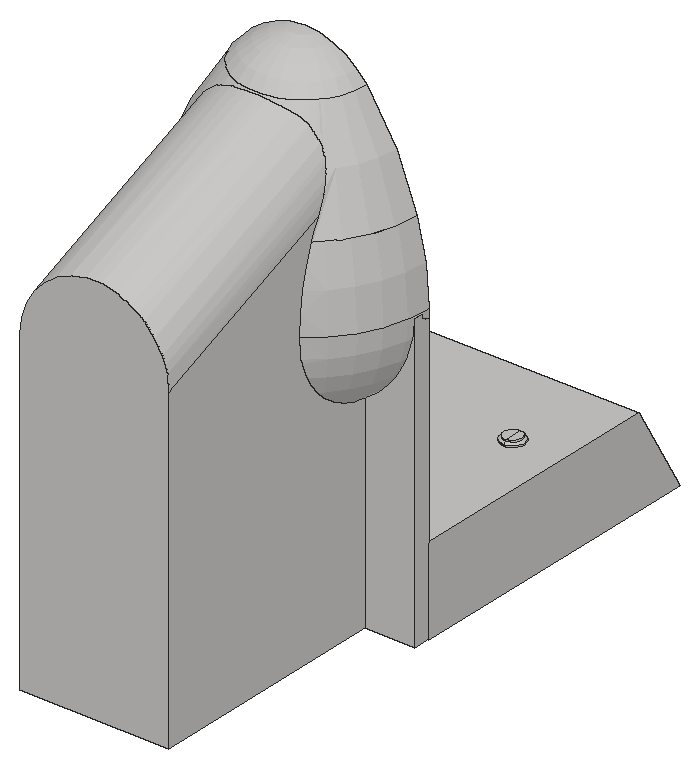
Revit family "LR1684-T-2", category Plumbing Fixtures, host Face, Revit 2018
Family settings
  Host = Face
  Round Connector Dimension = Use Diameter
  Part Type = Normal
  OmniClass Number = 23.45.05.21.11.11
  OmniClass Title = Water Operated Water Closets
  Cut with Voids When Loaded = No
  Shared = Yes
  Room Calculation Point = No
Parameters (values of type "LR1684-T-2")
  Width = 14 1/4"  # constant formula
  Waste Connection = yes
  Warranty Documentation Link = "www.acorneng.com/terms-and-conditions"
  WO3B - 3" Bell Waste Outlet w/ Std. 2-3/8" Trap = no
  WFU = 10
  W - Wall (Concealed) = no
  Voltage = 0
  Vent Connection = no
  VAC - AcornVac System = no
  URL = "www.acorneng.com"
  Type Comments = ""
  Tempered Water Connection = no
  TWE - Toilet Waste Extension (3" Standard) (Specify Length Beyond Fixture) = no
  TSC - Toilet Shipping Cover = no
  TG - Twelve Gage Housing = no
  TF Transformer, 120VAC to 24VAC (-MVCFV option) = no
  T - Top (Exposed) = yes
  SW - Wall Sleeve = no
  Product Page URL = "https://www.acorneng.com/lig-res-siphon-jet-ss-toilet-lr1684-series"
  Product Documentation Link = "https://www.acorneng.com/uploads/fileLibrary/LR1684.pdf"
  PC - Pinned Cleanout Plug (For -CO1 Options above) = no
  Model = "LR1684-T-2 "  # constant formula
  Material = Metal Acorn 304 Stainless Steel
  Manufacturer = "Acorn"  # constant formula
  MVCFV - Time-Trol Electronic FV (N/A for Top Supply) = no
  MTPPFV -  Master-Trol® PLUS Electronic Flush Valve w/ Piezo Button (N/A for Top Supply) = no
  MTPFV - Master-Trol® PLUS Electronic Flush Valve (N/A for Top Supply) = no
  MT - Metal Template (Only 1 Required Per Project) = no
  Length = 29"  # constant formula
  LR1684 - Ligature Resistant Siphon Jet Toilet = yes
  Installation Type = "Wall Mounted"  # constant formula
  Inlet Diameter Connection = 1 1/2"
  Height = 15"  # constant formula
  HWFU = 0
  HW Connection = yes
  HPS - High Polish Integral Seat = no
  GW - Gasketed Toilet Waste = no
  FVT - Flush Valve Thru Wall Connection = no
  FVH - Flush Valve, Hydraulic (N/A for Top Supply) = no
  FVBO - Flush Valve by Others = no
  FV - Flush Valve, Mechanical (N/A for Top Supply, Accessory Options or ADA) = no
  FTE - Flood-Trol, Electronic = no
  FTA - Flood-Trol Auto-Reset (N/A for Top Supply) = no
  FT - Flood-Trol (N/A for Top Supply) = no
  EVSPFV - Electronic Flush Valve w/ Piezo Pushbutton (N/A for Top Supply) = no
  EVSFV - Master-Trol Flush Valve (N/A for Top Supply) = no
  EGE - Enviro-Glaze Color Specify Toilet Exterior Only = no
  EG - Enviro-Glaze Color Specify Toilet Interior & Exterior = no
  Description = "Ligature Resistant Siphon Jet Toilet- On The Floor"
  Default Elevation = 15"
  Creation Date = "4/02/20"  # constant formula
  Connection Size = 2 3/8"
  CWFU = 10
  CW Connection = yes
  COH - Cleanout Hook Assembly = no
  CO1-3 Cleanout w/ O-Ring Connecting to No-Hub 3” (Plain End Only) = no
  CO1 - Cleanout w/ O-Ring Connecting to No-Hub 4" (Plain End Only) = no
  Assembly Code = "D2010110"
  Amperage = 0
  ADA - 18" Integral Seat Height = no
  2 - On-Floor, Wall Outlet = yes
  1.6 GPF (Not Available in California) = no
  1.28 GPF (HET) = no
Reference planes (in)
  plane 1 "Center (Front/Back)": y = 0
  plane 2: z = 0
  plane 3 "Center (Left/Right)": x = 0
  plane 4: y = -15
  plane 5: x = 0
  plane 6: z = 29
  plane 7: x = 7.125
  plane 8: x = -7.125
  plane 9: y = -1
  plane 10: z = -2.75
  plane 11: z = 2.75
  plane 12: z = 5
  plane 13: y = 17.875
  plane 14: y = 15
  plane 15: y = 9.60984
  plane 16: y = 3.75
  plane 17: y = -9.5
  plane 18: x = 4.75
  plane 19: y = 11.5
  plane 20: z = 0.03125
  plane 21: through (0, -15, 22.4608) normal (0, 0.3746, -0.9272)
  plane 22: x = 4.25
  plane 23: y = 17.88675
Forms (in)
  Revolve 1, solid, material "Metal Acorn 304 Stainless Steel" <- "Material"
    sketch origin (0, 0, 5.22285) x (0, 0, 1) y (1, 0, 0)
      loop
        arc (23.77518, 0) -> (23.24235, 1.99002) -> (21.9104, 3.56163) r 4.70501
        arc (21.9104, 3.56163) -> (19.20724, 5.25341) -> (16.25005, 6.44679) r 18.17867
        arc (16.25005, 6.44679) -> (14.01185, 6.95256) -> (11.72371, 7.125) r 15.62236
        arc (11.72371, 7.125) -> (8.08494, 5.94665) -> (5.83826, 2.85123) r 6.17476
        line (5.83826, 2.85123) -> (5.83826, 0) -> (23.77518, 0)
      axis (23.77518, 0) -> (5.83826, 0)
    angle from 0 to 180
  Revolve 2, void
    sketch origin (0, 0, 0) x (1, 0, 0) y (0, 0, 1)
      loop
        arc (1.65286, 26.13963) -> (0.96864, 26.90371) -> (0, 27.24091) r 2.05081
        line (0, 27.24091) -> (0, 13.45189)
        arc (0, 13.45189) -> (2.33411, 14.04523) -> (3.95651, 15.8251) r 4.192
        arc (3.95651, 15.8251) -> (4.49156, 17.85334) -> (4.23669, 19.93543) r 5.55736
        arc (4.23669, 19.93543) -> (3.07351, 23.09114) -> (1.65286, 26.13963) r 40.55651
      axis (0, 13.45189) -> (0, 27.24091)
    angle from 0 to 360
  Extrusion 3, solid, material "Metal Acorn 304 Stainless Steel" <- "Material"
    sketch origin (-14.37107, -32.5, 1.94576) x (1, 0, 0) y (0, 0, -1)
      loop
        line (7.25633, 1.94576) -> (7.25633, -14.9902) -> (7.29175, -14.9902)
        arc (7.29175, -14.9902) -> (14.33351, -9.25679) -> (21.43313, -14.9184) r 7.23626
        line (21.43313, -14.9184) -> (21.47799, -14.9184) -> (21.47799, 1.94576) -> (7.25633, 1.94576)
    from 31.5 to 32.5
  Extrusion 4, solid, material "Metal Acorn 304 Stainless Steel" <- "Material", visible <- "W - Wall (Concealed)"
    sketch origin (0, 0, 0) x (0, 1, 0) y (0, 0, 1)
      loop
        line (0, 3.7499) -> (0, 0) -> (3.7499, 0) -> (0, 3.7499)
    from -7.125 to 7.125
  Revolve 5, solid, material "Metal Acorn 304 Stainless Steel" <- "Material"
    sketch origin (0, 0, -0.125) x (0, 1, 0) y (0, 0, 1)
      loop
        line (0.40854, 2.875) -> (0, 2.875) -> (0, 1.875) -> (0.22395, 1.875) -> (0.22395, 2.04586) -> (0.28612, 2.04586) -> (0.28612, 2.29586) -> (0.40854, 2.29586) -> (0.40854, 2.875)
      axis (0.40854, 2.875) -> (0, 2.875)
    angle from 0 to 360
  Extrusion 6, solid, material "Metal Acorn 304 Stainless Steel" <- "Material", visible <- "T - Top (Exposed)"
    sketch origin (0, 0, 0) x (0, 1, 0) y (0, 0, 1)
      loop
        line (0, 0) -> (17.88675, 0) -> (15, 5) -> (0, 5) -> (0, 0)
    from -7.125 to 7.125
  Extrusion 7, solid, not visible
    sketch origin (0, 0, 0) x (1, 0, 0) y (0, 1, 0)
      loop
        circle (0, -9.5) r 1.1875
      loop
        circle (4.75, 11.5) r 0.5
    from 0 to 0.03125
  Blend 8, solid, material "Metal Acorn 304 Stainless Steel" <- "Material"
    base sketch origin (0, 0, 5.22285) x (0, 0, 1) y (1, 0, 0)
      loop
        line (18.64113, 4.25308) -> (-5.22285, 4.25308) -> (-5.22285, -4.25308) -> (18.64113, -4.25308)
        arc (18.64113, -4.25308) -> (22.89421, 0) -> (18.64113, 4.25308) r 4.25308
    top sketch origin (0, 0, 5.22285) x (0, 0, 1) y (1, 0, 0)
      loop
        line (12.98488, 4.25308) -> (-5.22285, 4.25308) -> (-5.22285, -4.25308) -> (12.98488, -4.25308)
        arc (12.98488, -4.25308) -> (17.23796, 0) -> (12.98488, 4.25308) r 4.25308
    from -1 to -15
  Revolve 9, solid, material "Metal Acorn 304 Stainless Steel" <- "Material", visible <- "T - Top (Exposed)"
    sketch origin (4.24422, 6.68116, 3.05319) x (0, 1, 0) y (0, 0, 1)
      loop
        line (2.90884, 2.19681) -> (2.90884, 1.94681) -> (3.57498, 1.94681) -> (3.57498, 1.99707) -> (3.41686, 2.13714) -> (3.41686, 2.19681) -> (2.90884, 2.19681)
      axis (2.90884, 2.19681) -> (2.90884, 1.94681)
    angle from 0 to 360
Cuts and joins
  Revolve 2 cuts Revolve 1
  Revolve 2 cuts Blend 8
  joined: Revolve 1, Extrusion 3, Blend 8
Lines and regions (in)
  Masking region 1
    outline origin (-14.37107, -32.5, 1.94576) x (1, 0, 0) y (0, 0, -1)
      loop
        line (21.47799, -14.22223) -> (21.47799, 1.94576) -> (7.25633, 1.94576) -> (7.25633, -15.5408)
        arc (7.25633, -15.5408) -> (7.46084, -17.55566) -> (7.92428, -19.52714) r 15.62236
        arc (7.92428, -19.52714) -> (9.11766, -22.48433) -> (10.80943, -25.18748) r 18.17867
        arc (10.80943, -25.18748) -> (12.38105, -26.51944) -> (14.37107, -27.05227) r 4.70501
        arc (14.37107, -27.05227) -> (16.36109, -26.51944) -> (17.9327, -25.18748) r 4.70501
        arc (17.9327, -25.18748) -> (19.62448, -22.48433) -> (20.81786, -19.52714) r 18.17867
        arc (20.81786, -19.52714) -> (21.37652, -16.90313) -> (21.47799, -14.22223) r 15.62236
  symbolic lines, detail levels medium+fine
    curve 1: arc (4.23669, -32.5, 19.93543) -> (3.07351, -32.5, 23.09114) -> (1.65286, -32.5, 26.13963) r 40.55651
    curve 2: arc (1.65286, -32.5, 26.13963) -> (0.96864, -32.5, 26.90371) -> (0, -32.5, 27.24091) r 2.05081
    curve 3: arc (0, -32.5, 27.24091) -> (-0.96864, -32.5, 26.90371) -> (-1.65286, -32.5, 26.13963) r 2.05081
    curve 4: arc (-1.65286, -32.5, 26.13963) -> (-3.07351, -32.5, 23.09114) -> (-4.23669, -32.5, 19.93543) r 40.55651
    curve 5: arc (-4.23669, -32.5, 19.93543) -> (-4.49156, -32.5, 17.85334) -> (-3.95651, -32.5, 15.8251) r 5.55736
    curve 6: arc (-3.95651, -32.5, 15.8251) -> (-2.33411, -32.5, 14.04523) -> (0, -32.5, 13.45189) r 4.192
    curve 7: arc (0, -32.5, 13.45189) -> (2.33411, -32.5, 14.04523) -> (3.95651, -32.5, 15.8251) r 4.192
    curve 8: arc (3.95651, -32.5, 15.8251) -> (4.49156, -32.5, 17.85334) -> (4.23669, -32.5, 19.93543) r 5.55736
  symbolic lines, visible <- "T - Top (Exposed)", detail levels medium+fine
    curve 9: line (7.125, -32.5, 5) -> (-7.125, -32.5, 5)
  symbolic lines, visible <- "W - Wall (Concealed)", detail levels medium+fine
    curve 10: line (7.125, -32.5, 3.7499) -> (-7.125, -32.5, 3.7499)
Dimensions and locks (in)
  Revolve 1 to plane 4 = 15"
  equal spacing: plane 7, plane 3 "Center (Left/Right)", plane 8
  plane 7 to plane 8 = 14 1/4"  (x2)
  locked: plane 13 to plane 1 "Center (Front/Back)" at 17.875
  locked: plane 14 to plane 1 "Center (Front/Back)" at 15
  locked: plane 12 to host face at 5
  plane 16 to plane 4 = 18 3/4"
  locked: plane 20 to level at 0.03125
  locked: plane 3 "Center (Left/Right)" to plane 22 at 4.25
  plane 6 to host face = 29"
  plane 17 to cut or joined group of Revolve 1, Revolve 2, Extrusion 3, Blend 8 = 5 1/2"
  plane 23 to plane 1 "Center (Front/Back)" = 17.88675"
  plane 19 to cut or joined group of Revolve 1, Revolve 2, Extrusion 3, Blend 8 = 11 1/2"
  Revolve 9 sketch curve to Revolve 9 sketch curve = 0.04467"
  diameter of Extrusion 7 sketch curve = 2 3/8"
  angle Extrusion 6 sketch curve to Extrusion 6 sketch curve = 60.00°
  angle plane 4 to plane 21 = 68.00°
  aligned and locked: plane 2 to host face
  aligned and locked: level to host face
  aligned and locked: plane 5 to Revolve 1 sketch curve  (x2)
  aligned and locked: Extrusion 3 to plane 1 "Center (Front/Back)"
  aligned and locked: plane 12 to Extrusion 6 sketch curve
  aligned and locked: Extrusion 6 sketch curve to plane 1 "Center (Front/Back)"
  aligned and locked: plane 14 to Extrusion 6 sketch curve
  aligned and locked: host face to Extrusion 6 sketch curve
  aligned and locked: plane 3 "Center (Left/Right)" to Revolve 5
  aligned and locked: cut or joined group of Revolve 1, Revolve 2, Extrusion 3, Blend 8 to Masking region 1 sketch curve
  aligned and locked: Masking region 1 sketch curve to cut or joined group of Revolve 1, Revolve 2, Extrusion 3, Blend 8
  aligned and locked: host face to Masking region 1 sketch curve
  aligned and locked: Extrusion 7 to level
  aligned and locked: plane 20 to Extrusion 7
  aligned and locked: Blend 8 to plane 4
Automatic sketch dimensions
  host sketch curve to host sketch curve = 96"  (x2)
  Revolve 1 sketch curve to plane 7 = 0"  (x2)
  Revolve 1 sketch curve to plane 11 = 8.31111"
  Revolve 1 sketch curve to plane 8 = 3.81766"
  Revolve 1 sketch curve to Revolve 1 sketch curve = 5.11361"
  Revolve 1 sketch curve to plane 8 = 1.37234"
  Revolve 1 sketch curve to Revolve 1 sketch curve = 0.74503"
  plane 3 "Center (Left/Right)" to Revolve 1 sketch curve = 0.95025"
  Revolve 1 sketch curve to Revolve 1 sketch curve = 5.87486"
  Revolve 1 sketch curve to plane 3 "Center (Left/Right)" = 0.19237"
  Revolve 1 sketch curve to plane 6 = 4.70305"
  Revolve 1 sketch curve to plane 6 = 0.00197"
  Revolve 1 sketch curve to Revolve 1 sketch curve = 0"
  plane 6 to Revolve 1 sketch curve = 2.23409"
  Revolve 1 sketch curve to Revolve 1 sketch curve = 2.07495"
  Revolve 2 sketch curve to plane 3 "Center (Left/Right)" = 0"  (x2)
  Revolve 2 sketch curve to plane 3 "Center (Left/Right)" = 0.1685"
  Revolve 2 sketch curve to plane 3 "Center (Left/Right)" = 1.05293"
  Revolve 2 sketch curve to plane 11 = 4.7489"
  Revolve 2 sketch curve to plane 8 = 27.24094"
  plane 3 "Center (Left/Right)" to Revolve 2 sketch curve = 0.17781"
  Revolve 2 sketch curve to plane 11 = 10.70189"
  Revolve 2 sketch curve to Revolve 2 sketch curve = 4.18823"
  Revolve 2 sketch curve to Revolve 2 sketch curve = 0.59116"
  Revolve 2 sketch curve to plane 6 = 3.80297"
  Revolve 2 sketch curve to plane 6 = 1.75909"
  Revolve 2 sketch curve to Revolve 2 sketch curve = 0"  (x2)
  plane 6 to Revolve 2 sketch curve = 1"
  Revolve 2 sketch curve to Revolve 2 sketch curve = 1"
  Extrusion 4 sketch curve to plane 1 "Center (Front/Back)" = 0"
  Extrusion 4 sketch curve to level = 0"
  Revolve 5 sketch curve to plane 1 "Center (Front/Back)" = 0"
  plane 11 to Revolve 5 sketch curve = 0"  (x2)
  Revolve 5 sketch curve to plane 1 "Center (Front/Back)" = 0.22395"
  Revolve 5 sketch curve to Revolve 5 sketch curve = 0.06217"
  Revolve 5 sketch curve to Revolve 5 sketch curve = 0.12242"
  plane 11 to Revolve 5 sketch curve = 0.57914"
  Revolve 5 sketch curve to Revolve 5 sketch curve = 1/4"
  Revolve 5 sketch curve to Revolve 5 sketch curve = 0.17086"
  Revolve 5 sketch curve to Revolve 5 sketch curve = 0.1698"
  Revolve 5 sketch curve to Revolve 5 sketch curve = 1 1/4"
  Extrusion 3 sketch curve to plane 7 = 0.01808"
  plane 8 to Extrusion 3 sketch curve = 0.04568"
  Extrusion 3 sketch curve to plane 3 "Center (Left/Right)" = 0.00081"
  Extrusion 3 sketch curve to plane 7 = 0.06293"
  Extrusion 3 sketch curve to plane 6 = 12.13584"
  Extrusion 3 sketch curve to Extrusion 3 sketch curve = 0.0718"
  plane 8 to Extrusion 3 sketch curve = 0.01026"
  Extrusion 3 sketch curve to level = 0"
  Masking region 1 sketch curve to plane 6 = 11.51344"
  plane 7 to Masking region 1 sketch curve = 1.37234"
  Masking region 1 sketch curve to Masking region 1 sketch curve = 0.75176"
  plane 8 to Masking region 1 sketch curve = 0.67821"
  Masking region 1 sketch curve to plane 8 = 1.37234"
  Masking region 1 sketch curve to Masking region 1 sketch curve = 0.5668"
  Masking region 1 sketch curve to plane 7 = 0.67821"
  Masking region 1 sketch curve to Masking region 1 sketch curve = 2 57/128"
  plane 3 "Center (Left/Right)" to Masking region 1 sketch curve = 3.56163"
  Masking region 1 sketch curve to Masking region 1 sketch curve = 0"  (x4)
  Masking region 1 sketch curve to plane 3 "Center (Left/Right)" = 0"
  Masking region 1 sketch curve to plane 3 "Center (Left/Right)" = 0.19237"
  plane 3 "Center (Left/Right)" to Masking region 1 sketch curve = 0.19237"
  Masking region 1 sketch curve to plane 6 = 1.86676"
  Masking region 1 sketch curve to Masking region 1 sketch curve = 3.83574"
  plane 16 to Extrusion 4 sketch curve = 0.0001"
  Extrusion 4 sketch curve to plane 11 = 0.9999"
  curve 9 to plane 8 = 0"
  curve 10 to plane 8 = 0"
  curve 7 to plane 3 "Center (Left/Right)" = 0"
  curve 3 to plane 3 "Center (Left/Right)" = 0"
  curve 10 to plane 7 = 0"
  curve 9 to plane 7 = 0"
  curve 1 to plane 11 = 4.7489"
  curve 1 to plane 8 = 27.24094"
  curve 8 to plane 3 "Center (Left/Right)" = 1.05293"
  curve 6 to plane 3 "Center (Left/Right)" = 0.17781"
  curve 2 to plane 3 "Center (Left/Right)" = 0.1685"
  plane 3 "Center (Left/Right)" to curve 3 = 0.1685"
  plane 3 "Center (Left/Right)" to curve 7 = 0.17781"
  plane 3 "Center (Left/Right)" to curve 5 = 1.05293"
  curve 4 to plane 11 = 4.7489"
  plane 7 to curve 4 = 27.24094"
  curve 7 to plane 6 = 11.35988"
  curve 6 to curve 7 = 0"
  curve 8 to curve 6 = 0.59116"
  curve 5 to curve 7 = 0.59116"
  curve 3 to plane 6 = 3.80297"
  curve 2 to curve 3 = 0"
  plane 8 to curve 4 = 2.88831"
  curve 5 to curve 4 = 0"
  curve 6 to curve 5 = 0"
  curve 3 to curve 4 = 0"
  curve 1 to curve 2 = 0"
  curve 8 to curve 7 = 0"
  curve 9 to plane 11 = 2 1/4"
  curve 10 to plane 11 = 0.9999"
  Extrusion 7 sketch curve to plane 3 "Center (Left/Right)" = 0"
  Extrusion 7 sketch curve to plane 18 = 0"
  plane 17 to Extrusion 7 sketch curve = 0"
  plane 19 to Extrusion 7 sketch curve = 0"
  Blend 8 sketch curve to level = 0"  (x2)
  Blend 8 sketch curve to plane 3 "Center (Left/Right)" = 0"  (x2)
  Blend 8 sketch curve to plane 6 = 5.13602"
  plane 8 to Blend 8 sketch curve = 2.87192"  (x2)
  Blend 8 sketch curve to plane 6 = 10.79227"
  Revolve 9 sketch curve to plane 15 = 0.01983"  (x2)
  Revolve 9 sketch curve to Revolve 9 sketch curve = 0.50802"
  Revolve 9 sketch curve to Revolve 9 sketch curve = 0.15812"
  Revolve 9 sketch curve to plane 11 = 2 1/4"
  Revolve 9 sketch curve to Revolve 9 sketch curve = 0.05027"
  Revolve 9 sketch curve to Revolve 9 sketch curve = 0.14006"
  Revolve 9 sketch curve to Revolve 9 sketch curve = 0.32834"
  Revolve 9 sketch curve to Revolve 9 sketch curve = 1 1/4"
  radius of Extrusion 7 sketch curve = 1/2"
Connectors (in)
  piping at (0, -9.5, 0), diameter 2.375, driven by "WFU", driven by "Connection Size"
    settings: on Extrusion 7, index 1, connector inside diameter 24", connector length 0", flow factor 0, pipe flow 0 GPM, pressure drop 0.00 psi, fitting loss kfactor 0, connector angle 0.00°, fixture units 10, engagement length 0", angle of deflection 0.00°, flow configuration 3, flow direction 2, fitting loss method 0, system type 16, joint type 0, gender type 0, connector reference index -1, connector utility 0, adjustable connector yes, is connector primary yes, connector description "2 3/8 Waste Outlet Connection"
  piping at (4.75, 11.5, 0), diameter 1.5, driven by "Inlet Diameter Connection", driven by "CWFU"
    settings: on Extrusion 7, index 2, connector inside diameter 24", connector length 0", flow factor 0, pipe flow 0 GPM, pressure drop 0.00 psi, fitting loss kfactor 0, connector angle 0.00°, fixture units 10, engagement length 0", angle of deflection 0.00°, flow configuration 3, flow direction 1, fitting loss method 0, system type 20, joint type 0, gender type 0, connector reference index -1, connector utility 0, adjustable connector no, is connector primary no, connector description "1-1/2” NPT Flushing Inlet Connection"
